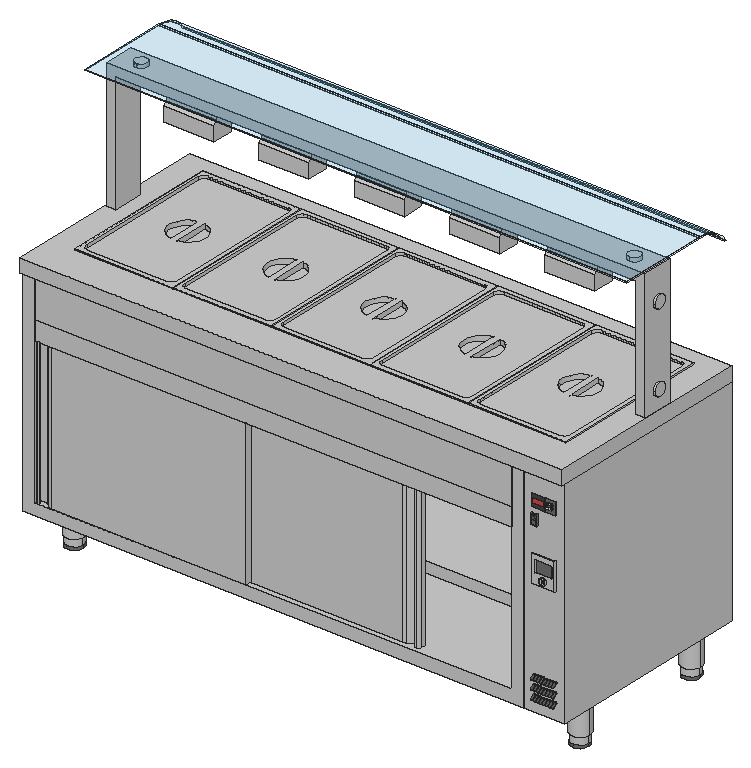
Revit family "QF_INOMAK_MJV718_250606032425", category Specialty Equipment, Revit 2021
Family settings
  Round Connector Dimension = Use Diameter
  Part Type = Normal
  OmniClass Number = 23.40.40.14
  OmniClass Title = Food Service Equipment
  Work Plane-Based = No
  Always vertical = Yes
  Cut with Voids When Loaded = No
  Shared = No
  Room Calculation Point = No
Parameters (values of type "MJV718")
  Weight [instance] = 101.00 kg
  Waste Water Discharge Temperature [instance] = 0 °C
  Waste Remarks [instance] = ""
  Warranty Start Date [instance] = ""
  Warranty Duration [instance] = ""
  Volts [instance] = 400 V
  Volt Free Conn [instance] = no
  URL Recommended Spares List [instance] = ""
  URL Manufacturer [instance] = ""
  URL Cutsheet [instance] = ""
  URL Critical Spares List [instance] = ""
  URL = "www.inomak.com"
  Technical Documentation [instance] = ""
  Tag Number [instance] = ""
  Status [instance] = ""
  Start Up Current [instance] = 0 A
  Specification by User [instance] = ""
  Specification by Manufacturer [instance] = ""
  Sound Level [instance] = ""
  Show Logo [instance] = yes
  Show Clearances [instance] = yes
  Service Life Duration [instance] = ""
  Serial Number [instance] = ""
  Seismic Rating [instance] = ""
  SMACNA No [instance] = ""
  Revision Code [instance] = ""
  Revision [instance] = ""
  Production Year [instance] = ""
  Potential Equalisation [instance] = no
  Point Load [instance] = 0
  Plumbing Remarks [instance] = ""
  Plumbing Connection Type [instance] = ""
  Phase [instance] = 3
  Other Equipment Approvals [instance] = ""
  Operational Current [instance] = 0 A
  Odor Trap Included [instance] = no
  Number of Poles [instance] = 3
  No Load Power Draw [instance] = no
  National Water Regulation Certification [instance] = no
  NAFEM Spec ID Number [instance] = ""
  Model Warning [instance] = ""
  Model = "MJV718"
  Min Ckt Ampacity [instance] = 0 A
  Max Overcurrent Protection [instance] = 25 A
  Masterspec [instance] = ""
  Manufacturer = "INOMAK"
  Main switch integrated [instance] = no
  Length Actual [instance] = 1792 mm
  Item Number [instance] = ""
  Installed By [instance] = ""
  Installation Date [instance] = ""
  Indirect Waste Size [instance] = 25.4 mm
  Indirect Waste Remarks [instance] = ""
  Indirect Waste Flow [instance] = 0.0 L/s
  Indirect Waste Connection Type [instance] = ""
  Indirect Waste Connection Height [instance] = 0 mm
  Identify Quantity as Lot [instance] = no
  ID [instance] = ""
  Hygiene Approval [instance] = ""
  Height Actual [instance] = 1313 mm
  HP power [instance] = ""
  Furnished By [instance] = ""
  Foodservice Equipment Identifier [instance] = no
  FL Amps [instance] = 22.3 A
  Electrical Remarks [instance] = ""
  Electric power [instance] = 5090 W
  Electric Connection Type [instance] = ""
  Elec Conn RI Height [instance] = 0 mm
  Elec Conn Connection Height [instance] = 0 mm
  ETL Approved [instance] = no
  Direct Waste Water Discharge Temperature [instance] = -273.15 °C
  Direct Waste Size [instance] = 25.4 mm
  Direct Waste RI Height [instance] = 0 mm
  Direct Waste Flow [instance] = 0.0 L/s
  Direct Waste Connection Height [instance] = 0 mm
  Description = "BAIN MARIE ON HEATED CUPBOARD WITH 4 GN PANS CAPACITY AND SINGLE SNEEZE GUARD"
  Depth Actual [instance] = 700 mm
  Default Elevation = 0 mm
  Cycle [instance] = 50 Hz
  Cost = 0
  Connection to energy optimisation system [instance] = yes
  Conn Plug [instance] = ""
  Conn Conduit [instance] = no
  Cold Water Temperature Recommended [instance] = 0 °C
  Cold Water Size [instance] = 12.7 mm
  Cold Water Remarks [instance] = ""
  Cold Water RI Height [instance] = 0 mm
  Cold Water Quality [instance] = ""
  Cold Water Minimum Pressure [instance] = 200000.0 Pa
  Cold Water Maximum Pressure [instance] = 600000.0 Pa
  Cold Water Flow [instance] = 0.0 L/s
  Cold Water Connection Type [instance] = ""
  Cold Water Connection Height [instance] = 0 mm
  Centralized building control system with digital interface [instance] = ""
  CSI MasterFormat [instance] = ""
  CE Approved [instance] = no
  Barcode [instance] = 0
  Author [instance] = ""
  Asset Identifier [instance] = ""
  Apparent Power [instance] = 5090 VA
  Accessory [instance] = no
Reference planes
  plane 1 "Center (Front/Back)": y = 0
  plane 2: z = 0
  plane 3 "Center (Left/Right)": x = 0
Forms (mm)
  Extrusion 1, solid, not visible
    sketch origin (110.005, -510.025, 142.007) x (1, 0, 0) y (0, 1, 0)
      loop
        line (-2, 2) -> (-2, -2) -> (2, -2) -> (2, 2) -> (-2, 2)
    from -2 to 2
  Extrusion 2, solid, not visible
    sketch origin (110.005, -410.02, 142.007) x (1, 0, 0) y (0, 1, 0)
      loop
        line (-2, 2) -> (-2, -2) -> (2, -2) -> (2, 2) -> (-2, 2)
    from -2 to 2
  Extrusion 3, solid, not visible
    sketch origin (1745.085, -635.031, 142.007) x (1, 0, 0) y (0, 1, 0)
      loop
        line (-2, 2) -> (-2, -2) -> (2, -2) -> (2, 2) -> (-2, 2)
    from -2 to 2
Dimensions and locks
  locked: nested 2 to Extrusion 1 at 2  (x2)
  locked: nested 3 to Extrusion 2 at 2  (x2)
  locked: nested 4 to Extrusion 3 at 2  (x2)
  aligned and locked: level to plane 2
Nested families
  nested 1: "QF_INOMAK_CUPBOARD_BAIN_MARIES_1795_2920" at (0, 0, 140), type "MJV718"
    with Weight 101.00 kg, Warranty Start Date "", Warranty Duration "", URL Cutsheet "", Technical Documentation "", Tag Number "", Status "", Specification by User "", Specification by Manufacturer "", Sound Level "", Solid Fuel Type "", Show Logo yes, Show Clearances yes, Service Life Duration "", Serial Number "", Seismic Rating "", SMACNA No "", Revision Code "", Revision "", Production Year "", Point Load 0, Other Equipment Approvals "", NAFEM Spec ID Number "", Model Warning "", Masterspec "", Length Actual 1792 mm, Item Number "", Installed By "", Installation Date "", Identify Quantity as Lot yes, ID "", Hygiene Approval "", Height Actual 1313 mm, Furnished By "", Foodservice Equipment Identifier yes, ETL Approved yes, Depth Actual 700 mm, CSI MasterFormat "", CE Approved yes, Barcode "", Author "", Asset Identifier "", Accessory no
  nested 2: "CONN_POINT_COLDWATER_2D___Generic_Annotation" at (110.005, -510.025, 140.007), type "CONN_POINT_COLDWATER_2D___Generic_Annotation"
    with Onboard connection annotation symbol visibility yes
  nested 3: "CONN_POINT_DRAIN_2D___Generic_Annotation" at (110.005, -410.02, 140.007), type "CONN_POINT_DRAIN_2D___Generic_Annotation"
    with Onboard connection annotation symbol visibility yes
  nested 4: "CONN_POINT_ELE_2D___Generic_Annotation" at (1745.085, -635.031, 140.007), type "CONN_POINT_ELE_2D___Generic_Annotation"
    with Onboard connection annotation symbol visibility yes
  nested 5: "QF_INOMAK_HEAT_WORKTOPS_HTSS_1795_5089" at (0, 0, 896), type "HTSS-1795-630"
    with Weight 0.00 kg, Warranty Start Date "", Warranty Duration "", URL Cutsheet "", Technical Documentation "", Tag Number "", Status "", Specification by User "", Specification by Manufacturer "", Sound Level "", Solid Fuel Type "", Show Logo yes, Show Clearances yes, Service Life Duration "", Serial Number "", Seismic Rating "", SMACNA No "", Revision Code "", Revision "", Production Year "", Point Load 0, Other Equipment Approvals "", NAFEM Spec ID Number "", Model Warning "", Masterspec "", Length Actual 1792 mm, Item Number "", Installed By "", Installation Date "", Identify Quantity as Lot yes, ID "", Hygiene Approval "", Height Actual 440 mm, Furnished By "", Foodservice Equipment Identifier yes, ETL Approved yes, Depth Actual 630 mm, CSI MasterFormat "", CE Approved yes, Barcode "", Author "", Asset Identifier "", Accessory yes
  nested 6: "QF_INOMAK_LEGS_6222" at (0, 0, 0), type "LG-1795-700"
    with Weight 0.00 kg, Warranty Start Date "", Warranty Duration "", URL Cutsheet "", Technical Documentation "", Tag Number "", Status "", Specification by User "", Specification by Manufacturer "", Sound Level "", Solid Fuel Type "", Show Logo yes, Show Clearances yes, Service Life Duration "", Serial Number "", Seismic Rating "", SMACNA No "", Revision Code "", Revision "", Production Year "", Point Load 0, Other Equipment Approvals "", NAFEM Spec ID Number "", Model Warning "", Masterspec "", Length Actual 1792 mm, Item Number "", Installed By "", Installation Date "", Identify Quantity as Lot yes, ID "", Hygiene Approval "", Height Actual 140 mm, Furnished By "", Foodservice Equipment Identifier yes, ETL Approved yes, Depth Actual 700 mm, CSI MasterFormat "", CE Approved yes, Barcode "", Author "", Asset Identifier "", Accessory yes
Connectors
  piping at (110.005, -510.025, 140.007), diameter 12.7, driven by "Cold Water Size", driven by "Cold Water Flow"
    settings: on Extrusion 1, index 1, connector inside diameter 609.6 mm, connector length 0 mm, flow factor 0, pipe flow 0.0 L/s, pressure drop 0.0 Pa, fitting loss kfactor 0, connector angle 0.00°, fixture units 0, engagement length 0 mm, angle of deflection 0.00°, flow configuration 1, flow direction 1, fitting loss method 0, system type 20, joint type 0, gender type 0, connector reference index -1, connector utility 0, adjustable connector no, is connector primary yes, connector description "Cold Water connection for MJV718"
  piping at (110.005, -410.02, 140.007), diameter 25.4, driven by "Indirect Waste Size", driven by "Direct Waste Flow"
    settings: on Extrusion 2, index 2, connector inside diameter 609.6 mm, connector length 0 mm, flow factor 0, pipe flow 0.0 L/s, pressure drop 0.0 Pa, fitting loss kfactor 0, connector angle 0.00°, fixture units 0, engagement length 0 mm, angle of deflection 0.00°, flow configuration 1, flow direction 2, fitting loss method 0, system type 16, joint type 0, gender type 0, connector reference index -1, connector utility 0, adjustable connector no, is connector primary no, connector description "Waste connection for MJV718"
  electrical at (1745.085, -635.031, 140.007), driven by "Apparent Power", driven by "Number of Poles", driven by "Volts"
    settings: on Extrusion 3, index 3, voltage 400 V, apparent load 0 VA, apparent load phase1 5090 VA, apparent load phase2 0 VA, apparent load phase3 0 VA, power factor 1, load classification "Other", number of poles 3, system type 31, power factor state 1, is connector primary yes, connector utility no, sub classification motor no, connector description "Electrical connection for MJV718"
Definition of nested family "QF_INOMAK_CUPBOARD_BAIN_MARIES_1795_2920"
  Parameters (values of type "MDV718")
    Weight [instance] = 0.00 kg
    Warranty Start Date [instance] = ""
    Warranty Duration [instance] = ""
    URL Cutsheet [instance] = ""
    URL = "www.inomak.com"
    Technical Documentation [instance] = ""
    Tag Number [instance] = ""
    Status [instance] = ""
    Specification by User [instance] = ""
    Specification by Manufacturer [instance] = ""
    Sound Level [instance] = ""
    Solid Fuel Type [instance] = ""
    Show Logo [instance] = yes
    Show Clearances [instance] = yes
    Service Life Duration [instance] = ""
    Serial Number [instance] = ""
    Seismic Rating [instance] = ""
    SMACNA No [instance] = ""
    Revision Code [instance] = ""
    Revision [instance] = ""
    Production Year [instance] = ""
    Point Load [instance] = 0
    Other Equipment Approvals [instance] = ""
    NAFEM Spec ID Number [instance] = ""
    Model Warning [instance] = ""
    Model = "MDV718"
    Masterspec [instance] = ""
    Manufacturer = "INOMAK"
    Length Actual [instance] = 0 mm
    Item Number [instance] = ""
    Installed By [instance] = ""
    Installation Date [instance] = ""
    Identify Quantity as Lot [instance] = yes
    ID [instance] = ""
    Hygiene Approval [instance] = ""
    Height Actual [instance] = 0 mm
    Furnished By [instance] = ""
    Foodservice Equipment Identifier [instance] = yes
    ETL Approved [instance] = yes
    Description = "BAIN MARIE ON CUPBOARD WITH 4 GN PANS CAPACITY"
    Depth Actual [instance] = 0 mm
    Default Elevation = 0 mm
    CSI MasterFormat [instance] = ""
    CE Approved [instance] = yes
    Barcode [instance] = ""
    Author [instance] = ""
    Asset Identifier [instance] = ""
    Assembly Code = "E1090320"
    Accessory [instance] = yes
  Types (10, lengths in mm): name | Model | Description
    MFV718 | "MFV718" | "BAIN MARIE ON CUPBOARD WITH 4 GN PANS CAPACITY AND SHOWCASE"
    MHV718 | "MHV718" | "BAIN MARIE ON HEATED CUPBOARD WITH 4 GN PANS CAPACITY"
    MJV718 | "MJV718" | "BAIN MARIE ON HEATED CUPBOARD WITH 4 GN PANS CAPACITY AND SINGLE SNEEZE GUARD"
    MQV718 | "MQV718" | "BAIN MARIE ON HEATED CUPBOARD WITH 4 GN PANS CAPACITY AND DOUBLE SNEEZE GUARD"
    MISQ718 | "MISQ718" | "BAIN MARIE ON HEATED CUPBOARD WITH 4 GN PANS CAPACITY AND SQUARE SHOWCASE"
    MDV718 | "MDV718" | "BAIN MARIE ON CUPBOARD WITH 4 GN PANS CAPACITY"
    MVV718 | "MVV718" | "BAIN MARIE ON CUPBOARD WITH 4 GN PANS CAPACITY AND SINGLE SNEEZE GUARD"
    MRV718 | "MRV718" | "BAIN MARIE ON CUPBOARD WITH 4 GN PANS CAPACITY AND DOUBLE SNEEZE GUARD"
    MFSQ718 | "MFSQ718" | "BAIN MARIE ON CUPBOARD WITH 4 GN PANS CAPACITY AND SQUARE SHOWCASE"
    MIV718 | "MIV718" | "BAIN MARIE ON HEATED CUPBOARD WITH 4 GN PANS CAPACITY AND SHOWCASE"
  Reference planes
    plane 1 "Back": y = 0
    plane 2: z = 0
    plane 3 "Left": x = 0
    plane 4 "Right": x = 1792
    plane 5 "Front": y = -700
    plane 6 "Top": z = 756
  Forms (mm)
    Extrusion 1, solid
      sketch origin (1168.283, -707, -123.631) x (-1, 0, 0) y (0, 0, 1)
        loop
          arc (-522.253, 235.165) -> (-526.351, 236.263) -> (-527.449, 232.165) r 3
          line (-527.449, 232.165) -> (-518.449, 216.577)
          arc (-518.449, 216.577) -> (-514.351, 215.479) -> (-513.253, 219.577) r 3
          line (-513.253, 219.577) -> (-522.253, 235.165)
        loop
          arc (-532.253, 235.165) -> (-536.351, 236.263) -> (-537.449, 232.165) r 3
          line (-537.449, 232.165) -> (-528.449, 216.577)
          arc (-528.449, 216.577) -> (-524.351, 215.479) -> (-523.253, 219.577) r 3
          line (-523.253, 219.577) -> (-532.253, 235.165)
        loop
          arc (-542.253, 235.165) -> (-546.351, 236.263) -> (-547.449, 232.165) r 3
          line (-547.449, 232.165) -> (-538.449, 216.577)
          arc (-538.449, 216.577) -> (-534.351, 215.479) -> (-533.253, 219.577) r 3
          line (-533.253, 219.577) -> (-542.253, 235.165)
        loop
          arc (-552.253, 235.165) -> (-556.351, 236.263) -> (-557.449, 232.165) r 3
          line (-557.449, 232.165) -> (-548.449, 216.577)
          arc (-548.449, 216.577) -> (-544.351, 215.479) -> (-543.253, 219.577) r 3
          line (-543.253, 219.577) -> (-552.253, 235.165)
        loop
          arc (-562.253, 235.165) -> (-566.351, 236.263) -> (-567.449, 232.165) r 3
          line (-567.449, 232.165) -> (-558.449, 216.577)
          arc (-558.449, 216.577) -> (-554.351, 215.479) -> (-553.253, 219.577) r 3
          line (-553.253, 219.577) -> (-562.253, 235.165)
        loop
          arc (-572.253, 235.165) -> (-576.351, 236.263) -> (-577.449, 232.165) r 3
          line (-577.449, 232.165) -> (-568.449, 216.577)
          arc (-568.449, 216.577) -> (-564.351, 215.479) -> (-563.253, 219.577) r 3
          line (-563.253, 219.577) -> (-572.253, 235.165)
        loop
          arc (-582.253, 235.165) -> (-586.351, 236.263) -> (-587.449, 232.165) r 3
          line (-587.449, 232.165) -> (-578.449, 216.577)
          arc (-578.449, 216.577) -> (-574.351, 215.479) -> (-573.253, 219.577) r 3
          line (-573.253, 219.577) -> (-582.253, 235.165)
        loop
          arc (-592.253, 235.165) -> (-596.351, 236.263) -> (-597.449, 232.165) r 3
          line (-597.449, 232.165) -> (-588.449, 216.577)
          arc (-588.449, 216.577) -> (-584.351, 215.479) -> (-583.253, 219.577) r 3
          line (-583.253, 219.577) -> (-592.253, 235.165)
        loop
          arc (-522.253, 205.165) -> (-526.351, 206.263) -> (-527.449, 202.165) r 3
          line (-527.449, 202.165) -> (-518.449, 186.577)
          arc (-518.449, 186.577) -> (-514.351, 185.479) -> (-513.253, 189.577) r 3
          line (-513.253, 189.577) -> (-522.253, 205.165)
        loop
          arc (-532.253, 205.165) -> (-536.351, 206.263) -> (-537.449, 202.165) r 3
          line (-537.449, 202.165) -> (-528.449, 186.577)
          arc (-528.449, 186.577) -> (-524.351, 185.479) -> (-523.253, 189.577) r 3
          line (-523.253, 189.577) -> (-532.253, 205.165)
        loop
          arc (-542.253, 205.165) -> (-546.351, 206.263) -> (-547.449, 202.165) r 3
          line (-547.449, 202.165) -> (-538.449, 186.577)
          arc (-538.449, 186.577) -> (-534.351, 185.479) -> (-533.253, 189.577) r 3
          line (-533.253, 189.577) -> (-542.253, 205.165)
        loop
          arc (-552.253, 205.165) -> (-556.351, 206.263) -> (-557.449, 202.165) r 3
          line (-557.449, 202.165) -> (-548.449, 186.577)
          arc (-548.449, 186.577) -> (-544.351, 185.479) -> (-543.253, 189.577) r 3
          line (-543.253, 189.577) -> (-552.253, 205.165)
        loop
          arc (-562.253, 205.165) -> (-566.351, 206.263) -> (-567.449, 202.165) r 3
          line (-567.449, 202.165) -> (-558.449, 186.577)
          arc (-558.449, 186.577) -> (-554.351, 185.479) -> (-553.253, 189.577) r 3
          line (-553.253, 189.577) -> (-562.253, 205.165)
        loop
          arc (-572.253, 205.165) -> (-576.351, 206.263) -> (-577.449, 202.165) r 3
          line (-577.449, 202.165) -> (-568.449, 186.577)
          arc (-568.449, 186.577) -> (-564.351, 185.479) -> (-563.253, 189.577) r 3
          line (-563.253, 189.577) -> (-572.253, 205.165)
        loop
          arc (-582.253, 205.165) -> (-586.351, 206.263) -> (-587.449, 202.165) r 3
          line (-587.449, 202.165) -> (-578.449, 186.577)
          arc (-578.449, 186.577) -> (-574.351, 185.479) -> (-573.253, 189.577) r 3
          line (-573.253, 189.577) -> (-582.253, 205.165)
        loop
          arc (-592.253, 205.165) -> (-596.351, 206.263) -> (-597.449, 202.165) r 3
          line (-597.449, 202.165) -> (-588.449, 186.577)
          arc (-588.449, 186.577) -> (-584.351, 185.479) -> (-583.253, 189.577) r 3
          line (-583.253, 189.577) -> (-592.253, 205.165)
        loop
          arc (-522.253, 175.165) -> (-526.351, 176.263) -> (-527.449, 172.165) r 3
          line (-527.449, 172.165) -> (-518.449, 156.577)
          arc (-518.449, 156.577) -> (-514.351, 155.479) -> (-513.253, 159.577) r 3
          line (-513.253, 159.577) -> (-522.253, 175.165)
        loop
          arc (-532.253, 175.165) -> (-536.351, 176.263) -> (-537.449, 172.165) r 3
          line (-537.449, 172.165) -> (-528.449, 156.577)
          arc (-528.449, 156.577) -> (-524.351, 155.479) -> (-523.253, 159.577) r 3
          line (-523.253, 159.577) -> (-532.253, 175.165)
        loop
          arc (-542.253, 175.165) -> (-546.351, 176.263) -> (-547.449, 172.165) r 3
          line (-547.449, 172.165) -> (-538.449, 156.577)
          arc (-538.449, 156.577) -> (-534.351, 155.479) -> (-533.253, 159.577) r 3
          line (-533.253, 159.577) -> (-542.253, 175.165)
        loop
          arc (-552.253, 175.165) -> (-556.351, 176.263) -> (-557.449, 172.165) r 3
          line (-557.449, 172.165) -> (-548.449, 156.577)
          arc (-548.449, 156.577) -> (-544.351, 155.479) -> (-543.253, 159.577) r 3
          line (-543.253, 159.577) -> (-552.253, 175.165)
        loop
          arc (-562.253, 175.165) -> (-566.351, 176.263) -> (-567.449, 172.165) r 3
          line (-567.449, 172.165) -> (-558.449, 156.577)
          arc (-558.449, 156.577) -> (-554.351, 155.479) -> (-553.253, 159.577) r 3
          line (-553.253, 159.577) -> (-562.253, 175.165)
        loop
          arc (-572.253, 175.165) -> (-576.351, 176.263) -> (-577.449, 172.165) r 3
          line (-577.449, 172.165) -> (-568.449, 156.577)
          arc (-568.449, 156.577) -> (-564.351, 155.479) -> (-563.253, 159.577) r 3
          line (-563.253, 159.577) -> (-572.253, 175.165)
        loop
          arc (-582.253, 175.165) -> (-586.351, 176.263) -> (-587.449, 172.165) r 3
          line (-587.449, 172.165) -> (-578.449, 156.577)
          arc (-578.449, 156.577) -> (-574.351, 155.479) -> (-573.253, 159.577) r 3
          line (-573.253, 159.577) -> (-582.253, 175.165)
        loop
          arc (-592.253, 175.165) -> (-596.351, 176.263) -> (-597.449, 172.165) r 3
          line (-597.449, 172.165) -> (-588.449, 156.577)
          arc (-588.449, 156.577) -> (-584.351, 155.479) -> (-583.253, 159.577) r 3
          line (-583.253, 159.577) -> (-592.253, 175.165)
      from 16.5 to 18.5
    Extrusion 2, solid
      sketch origin (1476.266, -692, 538.514) x (-1, 0, 0) y (0, 0, 1)
        loop
          line (-208.234, 108.408) -> (-253.234, 108.408) -> (-253.234, 68.408) -> (-208.234, 68.408) -> (-208.234, 108.408)
      from 0 to 2
    Extrusion 3, solid
      sketch origin (754.5, -693, 539.422) x (-1, 0, 0) y (0, 0, 1)
        loop
          line (-950, 15) -> (-930, 15) -> (-930, 50) -> (-950, 50) -> (-950, 15)
      from 0 to 3
    Extrusion 4, solid
      sketch origin (782.5, -568, 539.422) x (0, 1, 0) y (0, 0, 1)
        loop
          line (-125, 18) -> (-125, 47)
          arc (-125, 47) -> (-127.961, 46.812) -> (-130.754, 45.81) r 10.576
          line (-130.754, 45.81) -> (-128, 32.5) -> (-128, 18) -> (-125, 18)
      from 905 to 919
    Extrusion 5, solid
      sketch origin (1521.266, -692, 538.514) x (-1, 0, 0) y (0, 0, 1)
        loop
          line (-208.234, 108.408) -> (-243.234, 108.408) -> (-243.234, 68.408) -> (-208.234, 68.408) -> (-208.234, 108.408)
      from 0 to 2
    Extrusion 6, solid
      sketch origin (1476.266, -692.5, 538.514) x (-1, 0, 0) y (0, 0, 1)
        loop
          line (-213.234, 94.908) -> (-248.234, 94.908) -> (-248.234, 81.908) -> (-213.234, 81.908) -> (-213.234, 94.908)
      from 0 to 2.5
    Extrusion 7, solid
      sketch origin (1476.266, -692.5, 538.514) x (-1, 0, 0) y (0, 0, 1)
        loop
          line (-271.558, 91.171) -> (-275.802, 98.522) -> (-280.047, 91.171) -> (-271.558, 91.171)
        loop
          line (-271.558, 85.645) -> (-280.047, 85.645) -> (-275.802, 78.294) -> (-271.558, 85.645)
        loop
          line (-257.397, 85.645) -> (-267.397, 85.645) -> (-267.397, 78.294) -> (-257.397, 78.294) -> (-257.397, 85.645)
        loop
          line (-265.397, 98.522) -> (-267.397, 98.522) -> (-267.397, 92.322) -> (-259.549, 92.322) -> (-259.549, 91.171) -> (-257.397, 93.322) -> (-259.549, 95.474) -> (-259.549, 94.322) -> (-265.397, 94.322) -> (-265.397, 98.522)
      from 0 to 2.5
    Extrusion 8, solid
      sketch origin (28.5, 0, 488) x (1, 0, 0) y (0, 1, 0)
        loop
          line (55, -50) -> (55, -580) -> (380, -580) -> (380, -50) -> (55, -50)
        loop
          arc (87.5, -65) -> (73.358, -70.858) -> (67.5, -85) r 20
          line (67.5, -85) -> (67.5, -545.415)
          arc (67.5, -545.415) -> (73.358, -559.557) -> (87.5, -565.415) r 20
          line (87.5, -565.415) -> (347.5, -565.415)
          arc (347.5, -565.415) -> (361.642, -559.557) -> (367.5, -545.415) r 20
          line (367.5, -545.415) -> (367.5, -85)
          arc (367.5, -85) -> (361.642, -70.858) -> (347.5, -65) r 20
          line (347.5, -65) -> (87.5, -65)
      from 222 to 270
    Extrusion 9, solid
      sketch origin (28.5, 0, 481) x (1, 0, 0) y (0, 1, 0)
        loop
          arc (67.5, -545.415) -> (73.358, -559.557) -> (87.5, -565.415) r 20
          line (87.5, -565.415) -> (347.5, -565.415)
          arc (347.5, -565.415) -> (361.642, -559.557) -> (367.5, -545.415) r 20
          line (367.5, -545.415) -> (367.5, -85)
          arc (367.5, -85) -> (361.642, -70.858) -> (347.5, -65) r 20
          line (347.5, -65) -> (87.5, -65)
          arc (87.5, -65) -> (73.358, -70.858) -> (67.5, -85) r 20
          line (67.5, -85) -> (67.5, -545.415)
      from 229 to 270
    Extrusion 10, void
      sketch origin (28.5, 0, 496) x (1, 0, 0) y (0, 1, 0)
        loop
          arc (207.5, -256.046) -> (157.5, -315.207) -> (207.5, -374.368) r 60
          line (207.5, -374.368) -> (207.5, -256.046)
        loop
          line (227.5, -256.046) -> (227.5, -374.368)
          arc (227.5, -374.368) -> (277.5, -315.207) -> (227.5, -256.046) r 60
      from 240 to 270
    Extrusion 11, solid
      sketch origin (353.5, 0, 488) x (1, 0, 0) y (0, 1, 0)
        loop
          line (55, -50) -> (55, -580) -> (380, -580) -> (380, -50) -> (55, -50)
        loop
          arc (87.5, -65) -> (73.358, -70.858) -> (67.5, -85) r 20
          line (67.5, -85) -> (67.5, -545.415)
          arc (67.5, -545.415) -> (73.358, -559.557) -> (87.5, -565.415) r 20
          line (87.5, -565.415) -> (347.5, -565.415)
          arc (347.5, -565.415) -> (361.642, -559.557) -> (367.5, -545.415) r 20
          line (367.5, -545.415) -> (367.5, -85)
          arc (367.5, -85) -> (361.642, -70.858) -> (347.5, -65) r 20
          line (347.5, -65) -> (87.5, -65)
      from 222 to 270
    Extrusion 12, solid
      sketch origin (353.5, 0, 481) x (1, 0, 0) y (0, 1, 0)
        loop
          arc (67.5, -545.415) -> (73.358, -559.557) -> (87.5, -565.415) r 20
          line (87.5, -565.415) -> (347.5, -565.415)
          arc (347.5, -565.415) -> (361.642, -559.557) -> (367.5, -545.415) r 20
          line (367.5, -545.415) -> (367.5, -85)
          arc (367.5, -85) -> (361.642, -70.858) -> (347.5, -65) r 20
          line (347.5, -65) -> (87.5, -65)
          arc (87.5, -65) -> (73.358, -70.858) -> (67.5, -85) r 20
          line (67.5, -85) -> (67.5, -545.415)
      from 229 to 270
    Extrusion 13, void
      sketch origin (353.5, 0, 496) x (1, 0, 0) y (0, 1, 0)
        loop
          arc (207.5, -256.046) -> (157.5, -315.207) -> (207.5, -374.368) r 60
          line (207.5, -374.368) -> (207.5, -256.046)
        loop
          line (227.5, -256.046) -> (227.5, -374.368)
          arc (227.5, -374.368) -> (277.5, -315.207) -> (227.5, -256.046) r 60
      from 240 to 270
    Extrusion 14, solid
      sketch origin (1003.5, 0, 488) x (1, 0, 0) y (0, 1, 0)
        loop
          line (55, -50) -> (55, -580) -> (380, -580) -> (380, -50) -> (55, -50)
        loop
          arc (87.5, -65) -> (73.358, -70.858) -> (67.5, -85) r 20
          line (67.5, -85) -> (67.5, -545.415)
          arc (67.5, -545.415) -> (73.358, -559.557) -> (87.5, -565.415) r 20
          line (87.5, -565.415) -> (347.5, -565.415)
          arc (347.5, -565.415) -> (361.642, -559.557) -> (367.5, -545.415) r 20
          line (367.5, -545.415) -> (367.5, -85)
          arc (367.5, -85) -> (361.642, -70.858) -> (347.5, -65) r 20
          line (347.5, -65) -> (87.5, -65)
      from 222 to 270
    Extrusion 15, solid
      sketch origin (1003.5, 0, 481) x (1, 0, 0) y (0, 1, 0)
        loop
          arc (67.5, -545.415) -> (73.358, -559.557) -> (87.5, -565.415) r 20
          line (87.5, -565.415) -> (347.5, -565.415)
          arc (347.5, -565.415) -> (361.642, -559.557) -> (367.5, -545.415) r 20
          line (367.5, -545.415) -> (367.5, -85)
          arc (367.5, -85) -> (361.642, -70.858) -> (347.5, -65) r 20
          line (347.5, -65) -> (87.5, -65)
          arc (87.5, -65) -> (73.358, -70.858) -> (67.5, -85) r 20
          line (67.5, -85) -> (67.5, -545.415)
      from 229 to 270
    Extrusion 16, void
      sketch origin (1003.5, 0, 496) x (1, 0, 0) y (0, 1, 0)
        loop
          arc (207.5, -256.046) -> (157.5, -315.207) -> (207.5, -374.368) r 60
          line (207.5, -374.368) -> (207.5, -256.046)
        loop
          line (227.5, -256.046) -> (227.5, -374.368)
          arc (227.5, -374.368) -> (277.5, -315.207) -> (227.5, -256.046) r 60
      from 240 to 270
    Extrusion 17, solid
      sketch origin (0, 0, 706) x (1, 0, 0) y (0, 1, 0)
        loop
          line (0, 0) -> (0, -700) -> (1792, -700) -> (1792, 0) -> (0, 0)
        loop
          line (83.5, -50) -> (83.5, -580) -> (1708.5, -580) -> (1708.5, -50) -> (83.5, -50)
      from 4 to 50
    Extrusion 18, solid
      sketch origin (0, 0, 0) x (1, 0, 0) y (0, 1, 0)
        loop
          line (0, -690) -> (40, -690) -> (40, -40) -> (1617, -40) -> (1617, -690) -> (1657, -690) -> (1657, 0) -> (0, 0) -> (0, -690)
      from 0 to 710
    Extrusion 19, solid
      sketch origin (687, 0, 0) x (1, 0, 0) y (0, 1, 0)
        loop
          line (970, 0) -> (970, -690) -> (1105, -690) -> (1105, 0) -> (970, 0)
      from 0 to 710
    Extrusion 20, solid
      sketch origin (-130, -690, 0) x (-1, 0, 0) y (0, 1, 0)
        loop
          line (-170, 10) -> (-170, 20) -> (-868.5, 20) -> (-868.5, 0) -> (-226.156, 0)
          arc (-226.156, 0) -> (-220.272, 0.885) -> (-214.91, 3.461) r 20
          line (-214.91, 3.461) -> (-195, 17) -> (-173, 17) -> (-173, 10)
          arc (-173, 10) -> (-175.05, 5.05) -> (-180, 3) r 7
          line (-180, 3) -> (-185.012, 3) -> (-185.012, 0) -> (-180, 0)
          arc (-180, 0) -> (-172.929, 2.929) -> (-170, 10) r 10
      from -40 to -520
    Extrusion 21, solid
      sketch origin (367, -690, 0) x (-1, 0, 0) y (0, 1, 0)
        loop
          arc (-930, 30) -> (-927.071, 22.929) -> (-920, 20) r 10
          line (-920, 20) -> (-914.988, 20) -> (-914.988, 23) -> (-920, 23)
          arc (-920, 23) -> (-924.95, 25.05) -> (-927, 30) r 7
          line (-927, 30) -> (-927, 37) -> (-905, 37) -> (-885.09, 23.461)
          arc (-885.09, 23.461) -> (-879.728, 20.885) -> (-873.844, 20) r 20
          line (-873.844, 20) -> (-231.5, 20) -> (-231.5, 40) -> (-930, 40) -> (-930, 30)
      from -40 to -520
    Extrusion 22, solid
      sketch origin (0, 0, 0) x (1, 0, 0) y (0, 1, 0)
        loop
          line (40, -40) -> (40, -690) -> (1620, -690) -> (1620, -40) -> (40, -40)
      from 0 to 40
    Extrusion 23, solid
      sketch origin (0.5, 0, 672.314) x (1, 0, 0) y (0, 1, 0)
        loop
          line (39.5, -40) -> (39.5, -690) -> (1616.5, -690) -> (1616.5, -40) -> (39.5, -40)
      from -92.314 to 37.686
    Extrusion 24, solid
      sketch origin (-1.5, 0, 610.314) x (1, 0, 0) y (0, 1, 0)
        loop
          line (41.5, -40) -> (41.5, -690) -> (1618.5, -690) -> (1618.5, -40) -> (41.5, -40)
      from -90.314 to -30.314
    Extrusion 25, solid
      sketch origin (-1.5, 0, 252.5) x (1, 0, 0) y (0, 1, 0)
        loop
          line (41.5, -40) -> (41.5, -645) -> (1618.5, -645) -> (1618.5, -40) -> (41.5, -40)
      from 0 to 35
    Extrusion 26, solid
      sketch origin (694.002, -695, 50) x (-1, 0, 0) y (0, 0, 1)
        loop
          line (-992.998, 421.076) -> (-1067.998, 421.076) -> (-1067.998, 331.076) -> (-992.998, 331.076) -> (-992.998, 421.076)
        loop
          line (-1003.957, 406.276) -> (-1058.957, 406.276) -> (-1058.957, 366.276) -> (-1003.957, 366.276) -> (-1003.957, 406.276)
      from 0 to 5
    Extrusion 27, solid
      sketch origin (694.002, -692, 50) x (-1, 0, 0) y (0, 0, 1)
        loop
          line (-1003.957, 406.276) -> (-1058.957, 406.276) -> (-1058.957, 366.276) -> (-1003.957, 366.276) -> (-1003.957, 406.276)
      from 0 to 2
    Revolve 28, solid
      sketch origin (1724.5, 59.612, -3292.415) x (0, 1, 0) y (0, 0, 1)
        loop
          line (-757.012, 3691.152) -> (-754.612, 3691.152) -> (-754.612, 3701.789) -> (-757.662, 3701.789) -> (-759.012, 3699.998) -> (-757.012, 3699.998) -> (-757.012, 3691.152)
        axis (-754.612, 3691.152) -> (-759.012, 3691.152)
      angle from 0 to 360
    Extrusion 29, solid
      sketch origin (-367.127, -695, 2689.585) x (-1, 0, 0) y (0, 0, 1)
        loop
          line (-2090.827, -2287.348) -> (-2092.827, -2287.348) -> (-2092.827, -2294.348) -> (-2090.827, -2294.348) -> (-2090.827, -2287.348)
        loop
          circle (-2091.627, -2290.848) r 7.846
      from -4.4 to -2.4
    Extrusion 30, solid
      sketch origin (678.5, 0, 488) x (1, 0, 0) y (0, 1, 0)
        loop
          line (55, -50) -> (55, -580) -> (380, -580) -> (380, -50) -> (55, -50)
        loop
          arc (87.5, -65) -> (73.358, -70.858) -> (67.5, -85) r 20
          line (67.5, -85) -> (67.5, -545.415)
          arc (67.5, -545.415) -> (73.358, -559.557) -> (87.5, -565.415) r 20
          line (87.5, -565.415) -> (347.5, -565.415)
          arc (347.5, -565.415) -> (361.642, -559.557) -> (367.5, -545.415) r 20
          line (367.5, -545.415) -> (367.5, -85)
          arc (367.5, -85) -> (361.642, -70.858) -> (347.5, -65) r 20
          line (347.5, -65) -> (87.5, -65)
      from 222 to 270
    Extrusion 31, solid
      sketch origin (678.5, 0, 481) x (1, 0, 0) y (0, 1, 0)
        loop
          arc (67.5, -545.415) -> (73.358, -559.557) -> (87.5, -565.415) r 20
          line (87.5, -565.415) -> (347.5, -565.415)
          arc (347.5, -565.415) -> (361.642, -559.557) -> (367.5, -545.415) r 20
          line (367.5, -545.415) -> (367.5, -85)
          arc (367.5, -85) -> (361.642, -70.858) -> (347.5, -65) r 20
          line (347.5, -65) -> (87.5, -65)
          arc (87.5, -65) -> (73.358, -70.858) -> (67.5, -85) r 20
          line (67.5, -85) -> (67.5, -545.415)
      from 229 to 270
    Extrusion 32, void
      sketch origin (678.5, 0, 496) x (1, 0, 0) y (0, 1, 0)
        loop
          arc (207.5, -256.046) -> (157.5, -315.207) -> (207.5, -374.368) r 60
          line (207.5, -374.368) -> (207.5, -256.046)
        loop
          line (227.5, -256.046) -> (227.5, -374.368)
          arc (227.5, -374.368) -> (277.5, -315.207) -> (227.5, -256.046) r 60
      from 240 to 270
    Extrusion 33, solid
      sketch origin (1328.5, 0, 488) x (1, 0, 0) y (0, 1, 0)
        loop
          line (55, -50) -> (55, -580) -> (380, -580) -> (380, -50) -> (55, -50)
        loop
          arc (87.5, -65) -> (73.358, -70.858) -> (67.5, -85) r 20
          line (67.5, -85) -> (67.5, -545.415)
          arc (67.5, -545.415) -> (73.358, -559.557) -> (87.5, -565.415) r 20
          line (87.5, -565.415) -> (347.5, -565.415)
          arc (347.5, -565.415) -> (361.642, -559.557) -> (367.5, -545.415) r 20
          line (367.5, -545.415) -> (367.5, -85)
          arc (367.5, -85) -> (361.642, -70.858) -> (347.5, -65) r 20
          line (347.5, -65) -> (87.5, -65)
      from 222 to 270
    Extrusion 34, solid
      sketch origin (1328.5, 0, 481) x (1, 0, 0) y (0, 1, 0)
        loop
          arc (67.5, -545.415) -> (73.358, -559.557) -> (87.5, -565.415) r 20
          line (87.5, -565.415) -> (347.5, -565.415)
          arc (347.5, -565.415) -> (361.642, -559.557) -> (367.5, -545.415) r 20
          line (367.5, -545.415) -> (367.5, -85)
          arc (367.5, -85) -> (361.642, -70.858) -> (347.5, -65) r 20
          line (347.5, -65) -> (87.5, -65)
          arc (87.5, -65) -> (73.358, -70.858) -> (67.5, -85) r 20
          line (67.5, -85) -> (67.5, -545.415)
      from 229 to 270
    Extrusion 35, void
      sketch origin (1328.5, 0, 496) x (1, 0, 0) y (0, 1, 0)
        loop
          arc (207.5, -256.046) -> (157.5, -315.207) -> (207.5, -374.368) r 60
          line (207.5, -374.368) -> (207.5, -256.046)
        loop
          line (227.5, -256.046) -> (227.5, -374.368)
          arc (227.5, -374.368) -> (277.5, -315.207) -> (227.5, -256.046) r 60
      from 240 to 270
  Cuts and joins
    Extrusion 10, Extrusion 13 cuts Extrusion 9
    Extrusion 13, Extrusion 16, Extrusion 32 cuts Extrusion 12
    Extrusion 16, Extrusion 35 cuts Extrusion 15
    joined: Extrusion 18, Extrusion 22
    Extrusion 32 cuts Extrusion 31
    Extrusion 35 cuts Extrusion 34
  Lines and regions (mm)
    symbolic lines
      curve 1: line (0, 0, 0) -> (1792, 0, 0)
      curve 2: line (0, -700, 0) -> (0, 0, 0)
      curve 3: line (1792, -700, 0) -> (0, -700, 0)
      curve 4: line (1792, 0, 0) -> (1792, -700, 0)
      curve 5: line (83.5, -50, 0) -> (1708.5, -50, 0)
      curve 6: line (83.5, -580, 0) -> (83.5, -50, 0)
      curve 7: line (1708.5, -580, 0) -> (83.5, -580, 0)
      curve 8: line (733.5, -50, 0) -> (733.5, -580, 0)
      curve 9: line (408.5, -50, 0) -> (408.5, -580, 0)
      curve 10: line (1708.5, -50, 0) -> (1708.5, -580, 0)
      curve 11: line (1058.5, -50, 0) -> (1058.5, -580, 0)
      curve 12: line (1383.5, -50, 0) -> (1383.5, -580, 0)
      curve 13: line (116, -65, 0) -> (376, -65, 0)
      curve 14: arc (376, -65, 0) -> (390.142, -70.858, 0) -> (396, -85, 0) r 20
      curve 15: line (396, -85, 0) -> (396, -545.415, 0)
      curve 16: arc (396, -545.415, 0) -> (390.142, -559.557, 0) -> (376, -565.415, 0) r 20
      curve 17: line (376, -565.415, 0) -> (116, -565.415, 0)
      curve 18: arc (116, -565.415, 0) -> (101.858, -559.557, 0) -> (96, -545.415, 0) r 20
      curve 19: line (96, -545.415, 0) -> (96, -85, 0)
      curve 20: arc (96, -85, 0) -> (101.858, -70.858, 0) -> (116, -65, 0) r 20
      curve 21: arc (236, -256.046, 0) -> (186, -315.207, 0) -> (236, -374.368, 0) r 60
      curve 22: line (236, -374.368, 0) -> (236, -256.046, 0)
      curve 23: line (256, -256.046, 0) -> (256, -374.368, 0)
      curve 24: arc (256, -374.368, 0) -> (306, -315.207, 0) -> (256, -256.046, 0) r 60
      curve 25: line (441, -65, 0) -> (701, -65, 0)
      curve 26: arc (701, -65, 0) -> (715.142, -70.858, 0) -> (721, -85, 0) r 20
      curve 27: line (721, -85, 0) -> (721, -545.415, 0)
      curve 28: arc (721, -545.415, 0) -> (715.142, -559.557, 0) -> (701, -565.415, 0) r 20
      curve 29: line (701, -565.415, 0) -> (441, -565.415, 0)
      curve 30: arc (441, -565.415, 0) -> (426.858, -559.557, 0) -> (421, -545.415, 0) r 20
      curve 31: line (421, -545.415, 0) -> (421, -85, 0)
      curve 32: arc (421, -85, 0) -> (426.858, -70.858, 0) -> (441, -65, 0) r 20
      curve 33: arc (561, -256.046, 0) -> (511, -315.207, 0) -> (561, -374.368, 0) r 60
      curve 34: line (561, -374.368, 0) -> (561, -256.046, 0)
      curve 35: line (581, -256.046, 0) -> (581, -374.368, 0)
      curve 36: arc (581, -374.368, 0) -> (631, -315.207, 0) -> (581, -256.046, 0) r 60
      curve 37: line (766, -65, 0) -> (1026, -65, 0)
      curve 38: arc (1026, -65, 0) -> (1040.142, -70.858, 0) -> (1046, -85, 0) r 20
      curve 39: line (1046, -85, 0) -> (1046, -545.415, 0)
      curve 40: arc (1046, -545.415, 0) -> (1040.142, -559.557, 0) -> (1026, -565.415, 0) r 20
      curve 41: line (1026, -565.415, 0) -> (766, -565.415, 0)
      curve 42: arc (766, -565.415, 0) -> (751.858, -559.557, 0) -> (746, -545.415, 0) r 20
      curve 43: line (746, -545.415, 0) -> (746, -85, 0)
      curve 44: arc (746, -85, 0) -> (751.858, -70.858, 0) -> (766, -65, 0) r 20
      curve 45: arc (886, -256.046, 0) -> (836, -315.207, 0) -> (886, -374.368, 0) r 60
      curve 46: line (886, -374.368, 0) -> (886, -256.046, 0)
      curve 47: line (906, -256.046, 0) -> (906, -374.368, 0)
      curve 48: arc (906, -374.368, 0) -> (956, -315.207, 0) -> (906, -256.046, 0) r 60
      curve 49: line (1091, -65, 0) -> (1351, -65, 0)
      curve 50: arc (1351, -65, 0) -> (1365.142, -70.858, 0) -> (1371, -85, 0) r 20
      curve 51: line (1371, -85, 0) -> (1371, -545.415, 0)
      curve 52: arc (1371, -545.415, 0) -> (1365.142, -559.557, 0) -> (1351, -565.415, 0) r 20
      curve 53: line (1351, -565.415, 0) -> (1091, -565.415, 0)
      curve 54: arc (1091, -565.415, 0) -> (1076.858, -559.557, 0) -> (1071, -545.415, 0) r 20
      curve 55: line (1071, -545.415, 0) -> (1071, -85, 0)
      curve 56: arc (1071, -85, 0) -> (1076.858, -70.858, 0) -> (1091, -65, 0) r 20
      curve 57: arc (1211, -256.046, 0) -> (1161, -315.207, 0) -> (1211, -374.368, 0) r 60
      curve 58: line (1211, -374.368, 0) -> (1211, -256.046, 0)
      curve 59: line (1231, -256.046, 0) -> (1231, -374.368, 0)
      curve 60: arc (1231, -374.368, 0) -> (1281, -315.207, 0) -> (1231, -256.046, 0) r 60
      curve 61: line (1416, -65, 0) -> (1676, -65, 0)
      curve 62: arc (1676, -65, 0) -> (1690.142, -70.858, 0) -> (1696, -85, 0) r 20
      curve 63: line (1696, -85, 0) -> (1696, -545.415, 0)
      curve 64: arc (1696, -545.415, 0) -> (1690.142, -559.557, 0) -> (1676, -565.415, 0) r 20
      curve 65: line (1676, -565.415, 0) -> (1416, -565.415, 0)
      curve 66: arc (1416, -565.415, 0) -> (1401.858, -559.557, 0) -> (1396, -545.415, 0) r 20
      curve 67: line (1396, -545.415, 0) -> (1396, -85, 0)
      curve 68: arc (1396, -85, 0) -> (1401.858, -70.858, 0) -> (1416, -65, 0) r 20
      curve 69: arc (1536, -256.046, 0) -> (1486, -315.207, 0) -> (1536, -374.368, 0) r 60
      curve 70: line (1536, -374.368, 0) -> (1536, -256.046, 0)
      curve 71: line (1556, -256.046, 0) -> (1556, -374.368, 0)
      curve 72: arc (1556, -374.368, 0) -> (1606, -315.207, 0) -> (1556, -256.046, 0) r 60
  Dimensions and locks
    plane 3 "Left" to plane 4 "Right" = 1792 mm
    plane 5 "Front" to plane 1 "Back" = 700 mm
    plane 6 "Top" to plane 2 = 756 mm
    aligned and locked: level to plane 2
Definition of nested family "QF_INOMAK_HEAT_WORKTOPS_HTSS_1795_5089"
  Parameters (values of type "HTSS-1795-630")
    Weight [instance] = 0.00 kg
    Warranty Start Date [instance] = ""
    Warranty Duration [instance] = ""
    URL Cutsheet [instance] = ""
    URL = "www.inomak.com"
    Technical Documentation [instance] = ""
    Tag Number [instance] = ""
    Status [instance] = ""
    Specification by User [instance] = ""
    Specification by Manufacturer [instance] = ""
    Sound Level [instance] = ""
    Solid Fuel Type [instance] = ""
    Show Logo [instance] = yes
    Show Clearances [instance] = yes
    Service Life Duration [instance] = ""
    Serial Number [instance] = ""
    Seismic Rating [instance] = ""
    SMACNA No [instance] = ""
    Revision Code [instance] = ""
    Revision [instance] = ""
    Production Year [instance] = ""
    Point Load [instance] = 0
    Other Equipment Approvals [instance] = ""
    NAFEM Spec ID Number [instance] = ""
    Model Warning [instance] = ""
    Model = "HTSS"
    Masterspec [instance] = ""
    Manufacturer = "INOMAK"
    Length Actual [instance] = 0 mm
    Item Number [instance] = ""
    Installed By [instance] = ""
    Installation Date [instance] = ""
    Identify Quantity as Lot [instance] = yes
    ID [instance] = ""
    Hygiene Approval [instance] = ""
    Height Actual [instance] = 0 mm
    Furnished By [instance] = ""
    Foodservice Equipment Identifier [instance] = yes
    ETL Approved [instance] = yes
    Description = "SINGLE SNEEZE GUARD"
    Depth Actual [instance] = 0 mm
    Default Elevation = 0 mm
    CSI MasterFormat [instance] = ""
    CE Approved [instance] = yes
    Barcode [instance] = ""
    Author [instance] = ""
    Asset Identifier [instance] = ""
    Assembly Code = "E1090320"
    Accessory [instance] = yes
  Reference planes
    plane 1 "Back": y = 0
    plane 2: z = 0
    plane 3 "Left": x = 0
    plane 4 "Right": x = 1792
    plane 5 "Front": y = -630
    plane 6 "Top": z = 440
  Forms (mm)
    Extrusion 1, solid
      sketch origin (1080, 0, -833) x (0, -1, 0) y (0, 0, 1)
        loop
          line (20, 1213.94) -> (25.993, 1213.94)
          arc (25.993, 1213.94) -> (70.349, 1253.652) -> (128.129, 1268) r 123.514
          line (128.129, 1268) -> (432.8, 1268) -> (432.8, 1273) -> (128.129, 1273)
          arc (128.129, 1273) -> (66.526, 1257.273) -> (20, 1213.94) r 128.514
      from -712 to 1080
    Extrusion 2, solid
      sketch origin (0, -695.221, -833) x (-1, 0, 0) y (0, 0, 1)
        loop
          line (-5, 833) -> (-5, 1258) -> (-1787, 1258) -> (-1787, 833) -> (-1757, 833) -> (-1757, 1228) -> (-35, 1228) -> (-35, 833) -> (-5, 833)
      from 345.221 to 445.221
    Extrusion 3, solid
      sketch origin (790, 0, -833) x (0, -1, 0) y (0, 0, 1)
        loop
          circle (300, 1158) r 20
      from 785 to 795
    Extrusion 4, solid
      sketch origin (790, 0, 1357) x (0, -1, 0) y (0, 0, 1)
        loop
          circle (300, -1292) r 20
      from 785 to 795
    Extrusion 5, solid
      sketch origin (1002, 0, -833) x (0, -1, 0) y (0, 0, -1)
        loop
          circle (300, -1158) r 20
      from 785 to 795
    Extrusion 6, solid
      sketch origin (1002, 0, 1357) x (0, -1, 0) y (0, 0, -1)
        loop
          circle (300, 1292) r 20
      from 785 to 795
    Extrusion 7, solid
      sketch origin (0, 1874.578, 40) x (0, 1, 0) y (-1, 0, 0)
        loop
          circle (-2174.578, -80) r 20
      from 385 to 395
    Extrusion 8, solid
      sketch origin (712, 1874.578, 40) x (0, 1, 0) y (-1, 0, 0)
        loop
          circle (-2174.578, -1000) r 20
      from 385 to 395
    Extrusion 9, solid
      sketch origin (173.5, 0, 0) x (0, 1, 0) y (0, 0, 1)
        loop
          line (-265, 395) -> (-335, 395) -> (-335, 385) -> (-324.393, 374.393) -> (-275.607, 374.393) -> (-265, 385) -> (-265, 395)
      from 10 to 175
    Extrusion 10, solid
      sketch origin (183.5, 0, 0) x (0, 1, 0) y (0, 0, 1)
        loop
          line (-275.607, 374.393) -> (-324.393, 374.393) -> (-324.393, 364.393) -> (-335, 353.787) -> (-335, 305) -> (-265, 305) -> (-265, 353.787) -> (-275.607, 364.393) -> (-275.607, 374.393)
      from 0 to 5
    Extrusion 11, solid
      sketch origin (188.5, 0, 0) x (0, 1, 0) y (0, 0, 1)
        loop
          line (-275.607, 374.393) -> (-324.393, 374.393) -> (-324.393, 364.393) -> (-335, 353.787) -> (-335, 305) -> (-330, 305) -> (-330, 348.787) -> (-270, 348.787) -> (-270, 305) -> (-265, 305) -> (-265, 353.787) -> (-275.607, 364.393) -> (-275.607, 374.393)
      from 0 to 155
    Extrusion 12, solid
      sketch origin (343.5, 0, 0) x (0, 1, 0) y (0, 0, 1)
        loop
          line (-275.607, 374.393) -> (-324.393, 374.393) -> (-324.393, 364.393) -> (-335, 353.787) -> (-335, 305) -> (-265, 305) -> (-265, 353.787) -> (-275.607, 364.393) -> (-275.607, 374.393)
      from 0 to 5
    Extrusion 13, solid
      sketch origin (488.5, 0, 0) x (0, 1, 0) y (0, 0, 1)
        loop
          line (-265, 395) -> (-335, 395) -> (-335, 385) -> (-324.393, 374.393) -> (-275.607, 374.393) -> (-265, 385) -> (-265, 395)
      from 10 to 175
    Extrusion 14, solid
      sketch origin (498.5, 0, 0) x (0, 1, 0) y (0, 0, 1)
        loop
          line (-275.607, 374.393) -> (-324.393, 374.393) -> (-324.393, 364.393) -> (-335, 353.787) -> (-335, 305) -> (-265, 305) -> (-265, 353.787) -> (-275.607, 364.393) -> (-275.607, 374.393)
      from 0 to 5
    Extrusion 15, solid
      sketch origin (503.5, 0, 0) x (0, 1, 0) y (0, 0, 1)
        loop
          line (-275.607, 374.393) -> (-324.393, 374.393) -> (-324.393, 364.393) -> (-335, 353.787) -> (-335, 305) -> (-330, 305) -> (-330, 348.787) -> (-270, 348.787) -> (-270, 305) -> (-265, 305) -> (-265, 353.787) -> (-275.607, 364.393) -> (-275.607, 374.393)
      from 0 to 155
    Extrusion 16, solid
      sketch origin (658.5, 0, 0) x (0, 1, 0) y (0, 0, 1)
        loop
          line (-275.607, 374.393) -> (-324.393, 374.393) -> (-324.393, 364.393) -> (-335, 353.787) -> (-335, 305) -> (-265, 305) -> (-265, 353.787) -> (-275.607, 364.393) -> (-275.607, 374.393)
      from 0 to 5
    Extrusion 17, solid
      sketch origin (1303.5, 0, 0) x (0, 1, 0) y (0, 0, -1)
        loop
          line (-265, -395) -> (-265, -385) -> (-275.607, -374.393) -> (-324.393, -374.393) -> (-335, -385) -> (-335, -395) -> (-265, -395)
      from 10 to 175
    Extrusion 18, solid
      sketch origin (1293.5, 0, 0) x (0, 1, 0) y (0, 0, -1)
        loop
          line (-275.607, -374.393) -> (-275.607, -364.393) -> (-265, -353.787) -> (-265, -305) -> (-335, -305) -> (-335, -353.787) -> (-324.393, -364.393) -> (-324.393, -374.393) -> (-275.607, -374.393)
      from 0 to 5
    Extrusion 19, solid
      sketch origin (1288.5, 0, 0) x (0, 1, 0) y (0, 0, -1)
        loop
          line (-275.607, -374.393) -> (-275.607, -364.393) -> (-265, -353.787) -> (-265, -305) -> (-270, -305) -> (-270, -348.787) -> (-330, -348.787) -> (-330, -305) -> (-335, -305) -> (-335, -353.787) -> (-324.393, -364.393) -> (-324.393, -374.393) -> (-275.607, -374.393)
      from 0 to 155
    Extrusion 20, solid
      sketch origin (1133.5, 0, 0) x (0, 1, 0) y (0, 0, -1)
        loop
          line (-275.607, -374.393) -> (-275.607, -364.393) -> (-265, -353.787) -> (-265, -305) -> (-335, -305) -> (-335, -353.787) -> (-324.393, -364.393) -> (-324.393, -374.393) -> (-275.607, -374.393)
      from 0 to 5
    Extrusion 21, solid
      sketch origin (988.5, 0, 0) x (0, 1, 0) y (0, 0, -1)
        loop
          line (-265, -395) -> (-265, -385) -> (-275.607, -374.393) -> (-324.393, -374.393) -> (-335, -385) -> (-335, -395) -> (-265, -395)
      from 10 to 175
    Extrusion 22, solid
      sketch origin (978.5, 0, 0) x (0, 1, 0) y (0, 0, -1)
        loop
          line (-275.607, -374.393) -> (-275.607, -364.393) -> (-265, -353.787) -> (-265, -305) -> (-335, -305) -> (-335, -353.787) -> (-324.393, -364.393) -> (-324.393, -374.393) -> (-275.607, -374.393)
      from 0 to 5
    Extrusion 23, solid
      sketch origin (973.5, 0, 0) x (0, 1, 0) y (0, 0, -1)
        loop
          line (-275.607, -374.393) -> (-275.607, -364.393) -> (-265, -353.787) -> (-265, -305) -> (-270, -305) -> (-270, -348.787) -> (-330, -348.787) -> (-330, -305) -> (-335, -305) -> (-335, -353.787) -> (-324.393, -364.393) -> (-324.393, -374.393) -> (-275.607, -374.393)
      from 0 to 155
    Extrusion 24, solid
      sketch origin (818.5, 0, 0) x (0, 1, 0) y (0, 0, -1)
        loop
          line (-275.607, -374.393) -> (-275.607, -364.393) -> (-265, -353.787) -> (-265, -305) -> (-335, -305) -> (-335, -353.787) -> (-324.393, -364.393) -> (-324.393, -374.393) -> (-275.607, -374.393)
      from 0 to 5
    Extrusion 25, solid
      sketch origin (1618.5, 0, 0) x (0, 1, 0) y (0, 0, -1)
        loop
          line (-265, -395) -> (-265, -385) -> (-275.607, -374.393) -> (-324.393, -374.393) -> (-335, -385) -> (-335, -395) -> (-265, -395)
      from 10 to 175
    Extrusion 26, solid
      sketch origin (1608.5, 0, 0) x (0, 1, 0) y (0, 0, -1)
        loop
          line (-275.607, -374.393) -> (-275.607, -364.393) -> (-265, -353.787) -> (-265, -305) -> (-335, -305) -> (-335, -353.787) -> (-324.393, -364.393) -> (-324.393, -374.393) -> (-275.607, -374.393)
      from 0 to 5
    Extrusion 27, solid
      sketch origin (1603.5, 0, 0) x (0, 1, 0) y (0, 0, -1)
        loop
          line (-275.607, -374.393) -> (-275.607, -364.393) -> (-265, -353.787) -> (-265, -305) -> (-270, -305) -> (-270, -348.787) -> (-330, -348.787) -> (-330, -305) -> (-335, -305) -> (-335, -353.787) -> (-324.393, -364.393) -> (-324.393, -374.393) -> (-275.607, -374.393)
      from 0 to 155
    Extrusion 28, solid
      sketch origin (1448.5, 0, 0) x (0, 1, 0) y (0, 0, -1)
        loop
          line (-275.607, -374.393) -> (-275.607, -364.393) -> (-265, -353.787) -> (-265, -305) -> (-335, -305) -> (-335, -353.787) -> (-324.393, -364.393) -> (-324.393, -374.393) -> (-275.607, -374.393)
      from 0 to 5
  Cuts and joins
    joined: Extrusion 10, Extrusion 11, Extrusion 12
    joined: Extrusion 14, Extrusion 15, Extrusion 16
    joined: Extrusion 18, Extrusion 19, Extrusion 20
    joined: Extrusion 22, Extrusion 23, Extrusion 24
    joined: Extrusion 26, Extrusion 27, Extrusion 28
  Lines and regions (mm)
    Masking region 1
      outline origin (0, 0, 0) x (1, 0, 0) y (0, 1, 0)
        loop
          line (0, -20) -> (0, -432.8) -> (1792, -432.8) -> (1792, -20) -> (0, -20)
    symbolic lines
      curve 1: line (0, -20, 0) -> (1792, -20, 0)
      curve 2: line (0, -432.8, 0) -> (0, -20, 0)
      curve 3: line (1792, -432.8, 0) -> (0, -432.8, 0)
      curve 4: line (1792, -20, 0) -> (1792, -432.8, 0)
  Dimensions and locks
    plane 3 "Left" to plane 4 "Right" = 1792 mm
    plane 5 "Front" to plane 1 "Back" = 630 mm
    plane 6 "Top" to plane 2 = 440 mm
    aligned and locked: level to plane 2
Definition of nested family "QF_INOMAK_LEGS_6222"
  Parameters (values of type "LG-1545-700-BC")
    Weight [instance] = 0.00 kg
    Warranty Start Date [instance] = ""
    Warranty Duration [instance] = ""
    URL Cutsheet [instance] = ""
    URL = "www.inomak.com"
    Technical Documentation [instance] = ""
    Tag Number [instance] = ""
    Status [instance] = ""
    Specification by User [instance] = ""
    Specification by Manufacturer [instance] = ""
    Sound Level [instance] = ""
    Solid Fuel Type [instance] = ""
    Show Logo [instance] = yes
    Show Clearances [instance] = yes
    Service Life Duration [instance] = ""
    Serial Number [instance] = ""
    Seismic Rating [instance] = ""
    SMACNA No [instance] = ""
    Right offset = 300 mm
    Revision Code [instance] = ""
    Revision [instance] = ""
    Rear offset = 90 mm
    Production Year [instance] = ""
    Point Load [instance] = 0
    Other Equipment Approvals [instance] = ""
    NAFEM Spec ID Number [instance] = ""
    Model Warning [instance] = ""
    Model = "LG"
    Masterspec [instance] = ""
    Manufacturer = "INOMAK"
    Length Actual [instance] = 0 mm
    Length = 1546 mm
    Left offset = 100 mm
    Item Number [instance] = ""
    Installed By [instance] = ""
    Installation Date [instance] = ""
    Identify Quantity as Lot [instance] = yes
    ID [instance] = ""
    Hygiene Approval [instance] = ""
    Height Actual [instance] = 0 mm
    Height = 115 mm
    Furnished By [instance] = ""
    Front offset = 150 mm
    Foodservice Equipment Identifier [instance] = yes
    ETL Approved [instance] = yes
    Description = "STANDARD LEGS"
    Depth Actual [instance] = 0 mm
    Depth = 700 mm
    Default Elevation = 0 mm
    CentralLegs = if(Length > 1900 mm, 2 > 1, 2 < 1)  # no
    CSI MasterFormat [instance] = ""
    CE Approved [instance] = yes
    Barcode [instance] = ""
    Author [instance] = ""
    Asset Identifier [instance] = ""
    Assembly Code = "E1090320"
    Accessory [instance] = yes
  Types (14, lengths in mm): name | Right offset | Rear offset | Length | Left offset | Height | Front offset | Depth | CentralLegs
    LG-720-830 | 100 | 60 | 720 | 100 | 115 | 160 | 830 | no
    LG-1440-830 | 100 | 60 | 1440 | 100 | 115 | 160 | 830 | no
    LG-720-730 | 100 | 60 | 720 | 100 | 115 | 160 | 730 | no
    LG-1440-730 | 100 | 60 | 1440 | 100 | 115 | 160 | 730 | no
    LG-1105-700 | 60 | 90 | 1103 | 60 | 144 | 150 | 700 | no
    LG-1545-700 | 300 | 90 | 1546 | 100 | 144 | 150 | 700 | no
    LG-1995-700 | 300 | 90 | 1996 | 100 | 144 | 150 | 700 | yes
    LG-1545-700-BC | 300 | 90 | 1546 | 100 | 115 | 150 | 700 | no
    LG-1995-700-BC | 300 | 90 | 1996 | 100 | 115 | 150 | 700 | yes
    LG-1410-700 | 60 | 90 | 1406 | 60 | 144 | 150 | 700 | no
    LG-1795-700 | 60 | 90 | 1792 | 60 | 144 | 150 | 700 | no
    LG-1105-600 | 60 | 90 | 1103 | 60 | 144 | 150 | 600 | no
    LG-1545-600 | 300 | 90 | 1546 | 100 | 144 | 150 | 600 | no
    LG-1995-600 | 300 | 90 | 1996 | 100 | 144 | 150 | 600 | yes
  Reference planes
    plane 1 "Back": y = 0
    plane 2: z = 0
    plane 3 "Left": x = 0
    plane 4 "Right": x = 1546
    plane 5 "Front": y = -700
    plane 6 "Top": z = 115
    plane 7 "Left offset": x = 100
    plane 8 "Right offset": x = 1246
    plane 9 "Rear offset": y = -90
    plane 10 "Front offset": y = -550
    plane 11: x = 673
  Dimensions and locks
    "Length": plane 3 "Left" to plane 4 "Right"
    "Depth": plane 5 "Front" to plane 1 "Back"
    "Left offset": plane 3 "Left" to plane 7 "Left offset"
    "Right offset": plane 8 "Right offset" to plane 4 "Right"
    "Rear offset": plane 9 "Rear offset" to plane 1 "Back"
    "Front offset": plane 10 "Front offset" to plane 5 "Front"
    "Height": plane 6 "Top" to level
    equal spacing: plane 7 "Left offset", plane 11, plane 8 "Right offset"
    aligned and locked: level to plane 2
    aligned and locked: nested 2 to plane 8 "Right offset"
    aligned and locked: nested 3 to plane 8 "Right offset"
    aligned and locked: nested 4 to plane 7 "Left offset"
    aligned and locked: nested 4 to plane 10 "Front offset"
    aligned and locked: nested 3 to plane 10 "Front offset"
    aligned and locked: nested 1 to plane 7 "Left offset"
    aligned and locked: nested 1 to plane 9 "Rear offset"
    aligned and locked: nested 2 to plane 9 "Rear offset"
    aligned and locked: nested 5 to plane 11
    aligned and locked: nested 5 to plane 10 "Front offset"
  Nested families
    nested 1: "QF_INOMAK_LEG" at (100, -90, 0), type "QF_INOMAK_LEG"
      with Height 115 mm
    nested 2: "QF_INOMAK_LEG" at (1246, -90, 0), type "QF_INOMAK_LEG"
      with Height 115 mm
    nested 3: "QF_INOMAK_LEG" at (1246, -550, 0), type "QF_INOMAK_LEG"
      with Height 115 mm
    nested 4: "QF_INOMAK_LEG" at (100, -550, 0), type "QF_INOMAK_LEG"
      with Height 115 mm
    nested 5: "QF_INOMAK_LEG" at (673, -550, 0), visible <- "CentralLegs", type "QF_INOMAK_LEG"
      with Height 115 mm
  Definition of nested family "QF_INOMAK_LEG"
    Parameters (values of type "QF_INOMAK_LEG")
      Height = 118 mm
      Default Elevation = 0 mm
    Reference planes
      plane 1 "Center (Front/Back)": y = 0
      plane 2: z = 0
      plane 3 "Center (Left/Right)": x = 0
      plane 4 "Top": z = 118
    Forms (mm)
      Extrusion 1, solid
        sketch origin (0, 0, 118) x (0, 1, 0) y (-1, 0, 0)
          loop
            line (50, 45) -> (-50, 45) -> (-50, -45) -> (50, -45) -> (50, 45)
        from 0 to -3
      Extrusion 2, solid
        sketch origin (-199.986, 580, 0) x (1, 0, 0) y (0, 1, 0)
          loop
            circle (199.986, -580) r 28
        from 9 to 35
      Extrusion 3, solid
        sketch origin (-199.986, 580, 0) x (1, 0, 0) y (0, 1, 0)
          loop
            circle (199.986, -580) r 28.5
        from 0 to 9
      Sweep 4, solid
        path origin (0, 0, 0) x (0, 1, 0) y (0, 0, 1)
          loop
            line (0, 115) -> (0, 35)
        profile origin (0, 0, 75) x (1, 0, 0) y (0, 1, 0)
          loop
            circle (0, 0) r 32
    Dimensions and locks
      "Height": plane 4 "Top" to plane 2
      aligned and locked: level to plane 2
    Automatic sketch dimensions
      plane 1 "Center (Front/Back)" to Extrusion 1 sketch curve = 50 mm
      Extrusion 1 sketch curve to plane 1 "Center (Front/Back)" = 50 mm
      plane 3 "Center (Left/Right)" to Extrusion 1 sketch curve = 45 mm
      Extrusion 1 sketch curve to plane 3 "Center (Left/Right)" = 45 mm
      plane 1 "Center (Front/Back)" to Extrusion 2 sketch curve = 0 mm
      Extrusion 2 sketch curve to plane 3 "Center (Left/Right)" = 0 mm
      plane 1 "Center (Front/Back)" to Extrusion 3 sketch curve = 0 mm
      Extrusion 3 sketch curve to plane 3 "Center (Left/Right)" = 0 mm
      Sweep 4 sketch curve to plane 1 "Center (Front/Back)" = 0 mm
      level to Sweep 4 sketch curve = 35 mm
      Sweep 4 sketch curve to plane 4 "Top" = 3 mm
      Sweep 4 sketch curve to plane 3 "Center (Left/Right)" = 0 mm
      profile plane to Sweep 4 sketch curve = 0 mm
      radius of Extrusion 2 sketch curve = 28 mm
      radius of Extrusion 3 sketch curve = 28.5 mm
      radius of Sweep 4 sketch curve = 32 mm
Definition of nested family "CONN_POINT_COLDWATER_2D___Generic_Annotation"
  Parameters (values of type "CONN_POINT_COLDWATER_2D___Generic_Annotation")
    Onboard connection annotation symbol visibility [instance] = yes
